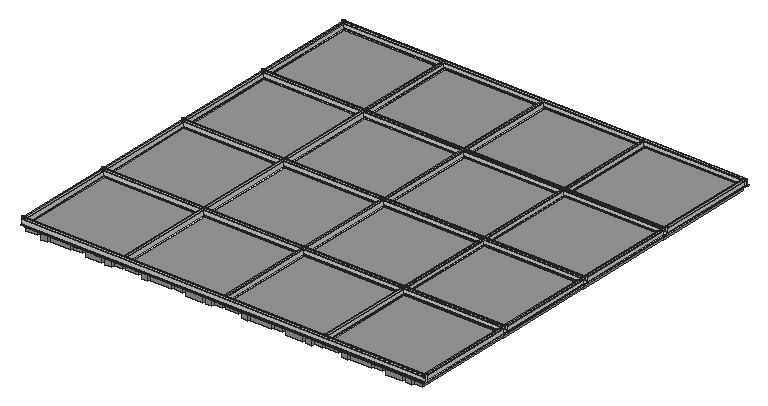
Revit family "GRD-FPG-013_TILE 003_RFA", category Modelos genéricos, Revit 2022 (continued)
Forms (in)
  Extrusion 233, solid, not visible
    sketch origin (0, 24, 0) x (0, 1, 0) y (0, 0, 1)
      loop
        arc (0.44023, 1.66266) -> (0.45258, 1.69248) -> (0.4824, 1.70483) r 0.04217
        line (0.4824, 1.70483) -> (0.52333, 1.70483)
        arc (0.52333, 1.70483) -> (0.54049, 1.71194) -> (0.54761, 1.7291) r 0.02428
        line (0.54761, 1.7291) -> (0.54761, 2.15016) -> (0.45704, 2.24072)
        arc (0.45704, 2.24072) -> (0.44027, 2.24767) -> (0.42351, 2.24072) r 0.02371
        line (0.42351, 2.24072) -> (0.33294, 2.15016) -> (0.33294, 1.7291)
    from 0 to 96.9361
  Extrusion 234, solid, not visible
    sketch origin (0, 48, 0) x (0, 1, 0) y (0, 0, 1)
      loop
        line (0.42221, 1.66259) -> (0.42231, 0.67354)
        arc (0.42231, 0.67354) -> (0.41009, 0.64403) -> (0.38057, 0.6318) r 0.04174
        line (0.38057, 0.6318) -> (-0.00639, 0.6318) -> (-0.00639, 0.59057) -> (0.8874, 0.59057) -> (0.8874, 0.6318) -> (0.49998, 0.6318)
        arc (0.49998, 0.6318) -> (0.47046, 0.64403) -> (0.45824, 0.67354) r 0.04174
        line (0.45824, 0.67354) -> (0.45834, 1.66259)
        arc (0.45834, 1.66259) -> (0.46543, 1.67969) -> (0.48252, 1.68677) r 0.02418
        line (0.48252, 1.68677) -> (0.52252, 1.68677)
        arc (0.52252, 1.68677) -> (0.55303, 1.69941) -> (0.56566, 1.72991) r 0.04314
        line (0.56566, 1.72991) -> (0.56566, 2.14095)
        arc (0.56566, 2.14095) -> (0.5626, 2.15637) -> (0.55386, 2.16944) r 0.04029
        line (0.55386, 2.16944) -> (0.47053, 2.25277)
        arc (0.47053, 2.25277) -> (0.44027, 2.2653) -> (0.41002, 2.25277) r 0.04279
        line (0.41002, 2.25277) -> (0.32669, 2.16944)
        arc (0.32669, 2.16944) -> (0.31795, 2.15637) -> (0.31489, 2.14095) r 0.04029
        line (0.31489, 2.14095) -> (0.31489, 1.72991)
        arc (0.31489, 1.72991) -> (0.32752, 1.69941) -> (0.35803, 1.68677) r 0.04314
        line (0.35803, 1.68677) -> (0.39803, 1.68677)
        arc (0.39803, 1.68677) -> (0.41512, 1.67969) -> (0.42221, 1.66259) r 0.02418
      loop
        arc (0.33294, 1.7291) -> (0.34005, 1.71194) -> (0.35722, 1.70483) r 0.02428
        line (0.35722, 1.70483) -> (0.39815, 1.70483)
        arc (0.39815, 1.70483) -> (0.42797, 1.69248) -> (0.44023, 1.66266) r 0.04217
        arc (0.44023, 1.66266) -> (0.45258, 1.69248) -> (0.4824, 1.70483) r 0.04217
        line (0.4824, 1.70483) -> (0.52333, 1.70483)
        arc (0.52333, 1.70483) -> (0.54049, 1.71194) -> (0.54761, 1.7291) r 0.02428
        line (0.54761, 1.7291) -> (0.54761, 2.15016) -> (0.45704, 2.24072)
        arc (0.45704, 2.24072) -> (0.44027, 2.24767) -> (0.42351, 2.24072) r 0.02371
        line (0.42351, 2.24072) -> (0.33294, 2.15016) -> (0.33294, 1.7291)
    from 0 to 96.9361
  Extrusion 235, solid, not visible
    sketch origin (0, 72, 0) x (0, 1, 0) y (0, 0, 1)
      loop
        line (0.42221, 1.66259) -> (0.42231, 0.67354)
        arc (0.42231, 0.67354) -> (0.41009, 0.64403) -> (0.38057, 0.6318) r 0.04174
        line (0.38057, 0.6318) -> (-0.00639, 0.6318) -> (-0.00639, 0.59057) -> (0.8874, 0.59057) -> (0.8874, 0.6318) -> (0.49998, 0.6318)
        arc (0.49998, 0.6318) -> (0.47046, 0.64403) -> (0.45824, 0.67354) r 0.04174
        line (0.45824, 0.67354) -> (0.45834, 1.66259)
        arc (0.45834, 1.66259) -> (0.46543, 1.67969) -> (0.48252, 1.68677) r 0.02418
        line (0.48252, 1.68677) -> (0.52252, 1.68677)
        arc (0.52252, 1.68677) -> (0.55303, 1.69941) -> (0.56566, 1.72991) r 0.04314
        line (0.56566, 1.72991) -> (0.56566, 2.14095)
        arc (0.56566, 2.14095) -> (0.5626, 2.15637) -> (0.55386, 2.16944) r 0.04029
        line (0.55386, 2.16944) -> (0.47053, 2.25277)
        arc (0.47053, 2.25277) -> (0.44027, 2.2653) -> (0.41002, 2.25277) r 0.04279
        line (0.41002, 2.25277) -> (0.32669, 2.16944)
        arc (0.32669, 2.16944) -> (0.31795, 2.15637) -> (0.31489, 2.14095) r 0.04029
        line (0.31489, 2.14095) -> (0.31489, 1.72991)
        arc (0.31489, 1.72991) -> (0.32752, 1.69941) -> (0.35803, 1.68677) r 0.04314
        line (0.35803, 1.68677) -> (0.39803, 1.68677)
        arc (0.39803, 1.68677) -> (0.41512, 1.67969) -> (0.42221, 1.66259) r 0.02418
      loop
        arc (0.33294, 1.7291) -> (0.34005, 1.71194) -> (0.35722, 1.70483) r 0.02428
        line (0.35722, 1.70483) -> (0.39815, 1.70483)
        arc (0.39815, 1.70483) -> (0.42797, 1.69248) -> (0.44023, 1.66266) r 0.04217
        arc (0.44023, 1.66266) -> (0.45258, 1.69248) -> (0.4824, 1.70483) r 0.04217
        line (0.4824, 1.70483) -> (0.52333, 1.70483)
        arc (0.52333, 1.70483) -> (0.54049, 1.71194) -> (0.54761, 1.7291) r 0.02428
        line (0.54761, 1.7291) -> (0.54761, 2.15016) -> (0.45704, 2.24072)
        arc (0.45704, 2.24072) -> (0.44027, 2.24767) -> (0.42351, 2.24072) r 0.02371
        line (0.42351, 2.24072) -> (0.33294, 2.15016) -> (0.33294, 1.7291)
    from 0 to 96.9361
  Extrusion 236, solid, not visible
    sketch origin (0, 96, 0) x (0, 1, 0) y (0, 0, 1)
      loop
        line (0.42221, 1.66259) -> (0.42231, 0.67354)
        arc (0.42231, 0.67354) -> (0.41009, 0.64403) -> (0.38057, 0.6318) r 0.04174
        line (0.38057, 0.6318) -> (-0.00639, 0.6318) -> (-0.00639, 0.59057) -> (0.8874, 0.59057) -> (0.8874, 0.6318) -> (0.49998, 0.6318)
        arc (0.49998, 0.6318) -> (0.47046, 0.64403) -> (0.45824, 0.67354) r 0.04174
        line (0.45824, 0.67354) -> (0.45834, 1.66259)
        arc (0.45834, 1.66259) -> (0.46543, 1.67969) -> (0.48252, 1.68677) r 0.02418
        line (0.48252, 1.68677) -> (0.52252, 1.68677)
        arc (0.52252, 1.68677) -> (0.55303, 1.69941) -> (0.56566, 1.72991) r 0.04314
        line (0.56566, 1.72991) -> (0.56566, 2.14095)
        arc (0.56566, 2.14095) -> (0.5626, 2.15637) -> (0.55386, 2.16944) r 0.04029
        line (0.55386, 2.16944) -> (0.47053, 2.25277)
        arc (0.47053, 2.25277) -> (0.44027, 2.2653) -> (0.41002, 2.25277) r 0.04279
        line (0.41002, 2.25277) -> (0.32669, 2.16944)
        arc (0.32669, 2.16944) -> (0.31795, 2.15637) -> (0.31489, 2.14095) r 0.04029
        line (0.31489, 2.14095) -> (0.31489, 1.72991)
        arc (0.31489, 1.72991) -> (0.32752, 1.69941) -> (0.35803, 1.68677) r 0.04314
        line (0.35803, 1.68677) -> (0.39803, 1.68677)
        arc (0.39803, 1.68677) -> (0.41512, 1.67969) -> (0.42221, 1.66259) r 0.02418
      loop
        arc (0.33294, 1.7291) -> (0.34005, 1.71194) -> (0.35722, 1.70483) r 0.02428
        line (0.35722, 1.70483) -> (0.39815, 1.70483)
        arc (0.39815, 1.70483) -> (0.42797, 1.69248) -> (0.44023, 1.66266) r 0.04217
        arc (0.44023, 1.66266) -> (0.45258, 1.69248) -> (0.4824, 1.70483) r 0.04217
        line (0.4824, 1.70483) -> (0.52333, 1.70483)
        arc (0.52333, 1.70483) -> (0.54049, 1.71194) -> (0.54761, 1.7291) r 0.02428
        line (0.54761, 1.7291) -> (0.54761, 2.15016) -> (0.45704, 2.24072)
        arc (0.45704, 2.24072) -> (0.44027, 2.24767) -> (0.42351, 2.24072) r 0.02371
        line (0.42351, 2.24072) -> (0.33294, 2.15016) -> (0.33294, 1.7291)
    from 0 to 96.9361
  Extrusion 237, solid, not visible
    sketch origin (48.02754, 154.90856, 0) x (1, 0, 0) y (0, 0, 1)
      loop
        line (0.42221, 1.66259) -> (0.42231, 0.67354)
        arc (0.42231, 0.67354) -> (0.41009, 0.64403) -> (0.38057, 0.6318) r 0.04174
        line (0.38057, 0.6318) -> (-0.00639, 0.6318) -> (-0.00639, 0.59057) -> (0.8874, 0.59057) -> (0.8874, 0.6318) -> (0.49998, 0.6318)
        arc (0.49998, 0.6318) -> (0.47046, 0.64403) -> (0.45824, 0.67354) r 0.04174
        line (0.45824, 0.67354) -> (0.45834, 1.66259)
        arc (0.45834, 1.66259) -> (0.46543, 1.67969) -> (0.48252, 1.68677) r 0.02418
        line (0.48252, 1.68677) -> (0.52252, 1.68677)
        arc (0.52252, 1.68677) -> (0.55303, 1.69941) -> (0.56566, 1.72991) r 0.04314
        line (0.56566, 1.72991) -> (0.56566, 2.14095)
        arc (0.56566, 2.14095) -> (0.5626, 2.15637) -> (0.55386, 2.16944) r 0.04029
        line (0.55386, 2.16944) -> (0.47053, 2.25277)
        arc (0.47053, 2.25277) -> (0.44027, 2.2653) -> (0.41002, 2.25277) r 0.04279
        line (0.41002, 2.25277) -> (0.32669, 2.16944)
        arc (0.32669, 2.16944) -> (0.31795, 2.15637) -> (0.31489, 2.14095) r 0.04029
        line (0.31489, 2.14095) -> (0.31489, 1.72991)
        arc (0.31489, 1.72991) -> (0.32752, 1.69941) -> (0.35803, 1.68677) r 0.04314
        line (0.35803, 1.68677) -> (0.39803, 1.68677)
        arc (0.39803, 1.68677) -> (0.41512, 1.67969) -> (0.42221, 1.66259) r 0.02418
      loop
        arc (0.33294, 1.7291) -> (0.34005, 1.71194) -> (0.35722, 1.70483) r 0.02428
        line (0.35722, 1.70483) -> (0.39815, 1.70483)
        arc (0.39815, 1.70483) -> (0.42797, 1.69248) -> (0.44023, 1.66266) r 0.04217
        arc (0.44023, 1.66266) -> (0.45258, 1.69248) -> (0.4824, 1.70483) r 0.04217
        line (0.4824, 1.70483) -> (0.52333, 1.70483)
        arc (0.52333, 1.70483) -> (0.54049, 1.71194) -> (0.54761, 1.7291) r 0.02428
        line (0.54761, 1.7291) -> (0.54761, 2.15016) -> (0.45704, 2.24072)
        arc (0.45704, 2.24072) -> (0.44027, 2.24767) -> (0.42351, 2.24072) r 0.02371
        line (0.42351, 2.24072) -> (0.33294, 2.15016) -> (0.33294, 1.7291)
    from 58.93614 to 81.99864
  Extrusion 238, solid, not visible
    sketch origin (72.02767, 154.90856, 0) x (1, 0, 0) y (0, 0, 1)
      loop
        line (0.42221, 1.66259) -> (0.42231, 0.67354)
        arc (0.42231, 0.67354) -> (0.41009, 0.64403) -> (0.38057, 0.6318) r 0.04174
        line (0.38057, 0.6318) -> (-0.00639, 0.6318) -> (-0.00639, 0.59057) -> (0.8874, 0.59057) -> (0.8874, 0.6318) -> (0.49998, 0.6318)
        arc (0.49998, 0.6318) -> (0.47046, 0.64403) -> (0.45824, 0.67354) r 0.04174
        line (0.45824, 0.67354) -> (0.45834, 1.66259)
        arc (0.45834, 1.66259) -> (0.46543, 1.67969) -> (0.48252, 1.68677) r 0.02418
        line (0.48252, 1.68677) -> (0.52252, 1.68677)
        arc (0.52252, 1.68677) -> (0.55303, 1.69941) -> (0.56566, 1.72991) r 0.04314
        line (0.56566, 1.72991) -> (0.56566, 2.14095)
        arc (0.56566, 2.14095) -> (0.5626, 2.15637) -> (0.55386, 2.16944) r 0.04029
        line (0.55386, 2.16944) -> (0.47053, 2.25277)
        arc (0.47053, 2.25277) -> (0.44027, 2.2653) -> (0.41002, 2.25277) r 0.04279
        line (0.41002, 2.25277) -> (0.32669, 2.16944)
        arc (0.32669, 2.16944) -> (0.31795, 2.15637) -> (0.31489, 2.14095) r 0.04029
        line (0.31489, 2.14095) -> (0.31489, 1.72991)
        arc (0.31489, 1.72991) -> (0.32752, 1.69941) -> (0.35803, 1.68677) r 0.04314
        line (0.35803, 1.68677) -> (0.39803, 1.68677)
        arc (0.39803, 1.68677) -> (0.41512, 1.67969) -> (0.42221, 1.66259) r 0.02418
      loop
        arc (0.33294, 1.7291) -> (0.34005, 1.71194) -> (0.35722, 1.70483) r 0.02428
        line (0.35722, 1.70483) -> (0.39815, 1.70483)
        arc (0.39815, 1.70483) -> (0.42797, 1.69248) -> (0.44023, 1.66266) r 0.04217
        arc (0.44023, 1.66266) -> (0.45258, 1.69248) -> (0.4824, 1.70483) r 0.04217
        line (0.4824, 1.70483) -> (0.52333, 1.70483)
        arc (0.52333, 1.70483) -> (0.54049, 1.71194) -> (0.54761, 1.7291) r 0.02428
        line (0.54761, 1.7291) -> (0.54761, 2.15016) -> (0.45704, 2.24072)
        arc (0.45704, 2.24072) -> (0.44027, 2.24767) -> (0.42351, 2.24072) r 0.02371
        line (0.42351, 2.24072) -> (0.33294, 2.15016) -> (0.33294, 1.7291)
    from 58.93614 to 81.99864
  Extrusion 239, solid, not visible
    sketch origin (96.02767, 154.90856, 0) x (1, 0, 0) y (0, 0, 1)
      loop
        line (0.42221, 1.66259) -> (0.42231, 0.67354)
        arc (0.42231, 0.67354) -> (0.41009, 0.64403) -> (0.38057, 0.6318) r 0.04174
        line (0.38057, 0.6318) -> (-0.00639, 0.6318) -> (-0.00639, 0.59057) -> (0.8874, 0.59057) -> (0.8874, 0.6318) -> (0.49998, 0.6318)
        arc (0.49998, 0.6318) -> (0.47046, 0.64403) -> (0.45824, 0.67354) r 0.04174
        line (0.45824, 0.67354) -> (0.45834, 1.66259)
        arc (0.45834, 1.66259) -> (0.46543, 1.67969) -> (0.48252, 1.68677) r 0.02418
        line (0.48252, 1.68677) -> (0.52252, 1.68677)
        arc (0.52252, 1.68677) -> (0.55303, 1.69941) -> (0.56566, 1.72991) r 0.04314
        line (0.56566, 1.72991) -> (0.56566, 2.14095)
        arc (0.56566, 2.14095) -> (0.5626, 2.15637) -> (0.55386, 2.16944) r 0.04029
        line (0.55386, 2.16944) -> (0.47053, 2.25277)
        arc (0.47053, 2.25277) -> (0.44027, 2.2653) -> (0.41002, 2.25277) r 0.04279
        line (0.41002, 2.25277) -> (0.32669, 2.16944)
        arc (0.32669, 2.16944) -> (0.31795, 2.15637) -> (0.31489, 2.14095) r 0.04029
        line (0.31489, 2.14095) -> (0.31489, 1.72991)
        arc (0.31489, 1.72991) -> (0.32752, 1.69941) -> (0.35803, 1.68677) r 0.04314
        line (0.35803, 1.68677) -> (0.39803, 1.68677)
        arc (0.39803, 1.68677) -> (0.41512, 1.67969) -> (0.42221, 1.66259) r 0.02418
      loop
        arc (0.33294, 1.7291) -> (0.34005, 1.71194) -> (0.35722, 1.70483) r 0.02428
        line (0.35722, 1.70483) -> (0.39815, 1.70483)
        arc (0.39815, 1.70483) -> (0.42797, 1.69248) -> (0.44023, 1.66266) r 0.04217
        arc (0.44023, 1.66266) -> (0.45258, 1.69248) -> (0.4824, 1.70483) r 0.04217
        line (0.4824, 1.70483) -> (0.52333, 1.70483)
        arc (0.52333, 1.70483) -> (0.54049, 1.71194) -> (0.54761, 1.7291) r 0.02428
        line (0.54761, 1.7291) -> (0.54761, 2.15016) -> (0.45704, 2.24072)
        arc (0.45704, 2.24072) -> (0.44027, 2.24767) -> (0.42351, 2.24072) r 0.02371
        line (0.42351, 2.24072) -> (0.33294, 2.15016) -> (0.33294, 1.7291)
    from 58.93614 to 81.99864
  Extrusion 240, solid, not visible
    sketch origin (24.02767, 154.90856, 0) x (1, 0, 0) y (0, 0, 1)
      loop
        line (0.42221, 1.66259) -> (0.42231, 0.67354)
        arc (0.42231, 0.67354) -> (0.41009, 0.64403) -> (0.38057, 0.6318) r 0.04174
        line (0.38057, 0.6318) -> (-0.00639, 0.6318) -> (-0.00639, 0.59057) -> (0.8874, 0.59057) -> (0.8874, 0.6318) -> (0.49998, 0.6318)
        arc (0.49998, 0.6318) -> (0.47046, 0.64403) -> (0.45824, 0.67354) r 0.04174
        line (0.45824, 0.67354) -> (0.45834, 1.66259)
        arc (0.45834, 1.66259) -> (0.46543, 1.67969) -> (0.48252, 1.68677) r 0.02418
        line (0.48252, 1.68677) -> (0.52252, 1.68677)
        arc (0.52252, 1.68677) -> (0.55303, 1.69941) -> (0.56566, 1.72991) r 0.04314
        line (0.56566, 1.72991) -> (0.56566, 2.14095)
        arc (0.56566, 2.14095) -> (0.5626, 2.15637) -> (0.55386, 2.16944) r 0.04029
        line (0.55386, 2.16944) -> (0.47053, 2.25277)
        arc (0.47053, 2.25277) -> (0.44027, 2.2653) -> (0.41002, 2.25277) r 0.04279
        line (0.41002, 2.25277) -> (0.32669, 2.16944)
        arc (0.32669, 2.16944) -> (0.31795, 2.15637) -> (0.31489, 2.14095) r 0.04029
        line (0.31489, 2.14095) -> (0.31489, 1.72991)
        arc (0.31489, 1.72991) -> (0.32752, 1.69941) -> (0.35803, 1.68677) r 0.04314
        line (0.35803, 1.68677) -> (0.39803, 1.68677)
        arc (0.39803, 1.68677) -> (0.41512, 1.67969) -> (0.42221, 1.66259) r 0.02418
      loop
        arc (0.33294, 1.7291) -> (0.34005, 1.71194) -> (0.35722, 1.70483) r 0.02428
        line (0.35722, 1.70483) -> (0.39815, 1.70483)
        arc (0.39815, 1.70483) -> (0.42797, 1.69248) -> (0.44023, 1.66266) r 0.04217
        arc (0.44023, 1.66266) -> (0.45258, 1.69248) -> (0.4824, 1.70483) r 0.04217
        line (0.4824, 1.70483) -> (0.52333, 1.70483)
        arc (0.52333, 1.70483) -> (0.54049, 1.71194) -> (0.54761, 1.7291) r 0.02428
        line (0.54761, 1.7291) -> (0.54761, 2.15016) -> (0.45704, 2.24072)
        arc (0.45704, 2.24072) -> (0.44027, 2.24767) -> (0.42351, 2.24072) r 0.02371
        line (0.42351, 2.24072) -> (0.33294, 2.15016) -> (0.33294, 1.7291)
    from 58.93614 to 81.99864
  Extrusion 241, solid, not visible
    sketch origin (0.02767, 154.90856, 0) x (1, 0, 0) y (0, 0, 1)
      loop
        line (0.42221, 1.66259) -> (0.42231, 0.67354)
        arc (0.42231, 0.67354) -> (0.41009, 0.64403) -> (0.38057, 0.6318) r 0.04174
        line (0.38057, 0.6318) -> (-0.00639, 0.6318) -> (-0.00639, 0.59057) -> (0.8874, 0.59057) -> (0.8874, 0.6318) -> (0.49998, 0.6318)
        arc (0.49998, 0.6318) -> (0.47046, 0.64403) -> (0.45824, 0.67354) r 0.04174
        line (0.45824, 0.67354) -> (0.45834, 1.66259)
        arc (0.45834, 1.66259) -> (0.46543, 1.67969) -> (0.48252, 1.68677) r 0.02418
        line (0.48252, 1.68677) -> (0.52252, 1.68677)
        arc (0.52252, 1.68677) -> (0.55303, 1.69941) -> (0.56566, 1.72991) r 0.04314
        line (0.56566, 1.72991) -> (0.56566, 2.14095)
        arc (0.56566, 2.14095) -> (0.5626, 2.15637) -> (0.55386, 2.16944) r 0.04029
        line (0.55386, 2.16944) -> (0.47053, 2.25277)
        arc (0.47053, 2.25277) -> (0.44027, 2.2653) -> (0.41002, 2.25277) r 0.04279
        line (0.41002, 2.25277) -> (0.32669, 2.16944)
        arc (0.32669, 2.16944) -> (0.31795, 2.15637) -> (0.31489, 2.14095) r 0.04029
        line (0.31489, 2.14095) -> (0.31489, 1.72991)
        arc (0.31489, 1.72991) -> (0.32752, 1.69941) -> (0.35803, 1.68677) r 0.04314
        line (0.35803, 1.68677) -> (0.39803, 1.68677)
        arc (0.39803, 1.68677) -> (0.41512, 1.67969) -> (0.42221, 1.66259) r 0.02418
      loop
        arc (0.33294, 1.7291) -> (0.34005, 1.71194) -> (0.35722, 1.70483) r 0.02428
        line (0.35722, 1.70483) -> (0.39815, 1.70483)
        arc (0.39815, 1.70483) -> (0.42797, 1.69248) -> (0.44023, 1.66266) r 0.04217
        arc (0.44023, 1.66266) -> (0.45258, 1.69248) -> (0.4824, 1.70483) r 0.04217
        line (0.4824, 1.70483) -> (0.52333, 1.70483)
        arc (0.52333, 1.70483) -> (0.54049, 1.71194) -> (0.54761, 1.7291) r 0.02428
        line (0.54761, 1.7291) -> (0.54761, 2.15016) -> (0.45704, 2.24072)
        arc (0.45704, 2.24072) -> (0.44027, 2.24767) -> (0.42351, 2.24072) r 0.02371
        line (0.42351, 2.24072) -> (0.33294, 2.15016) -> (0.33294, 1.7291)
    from 58.93614 to 81.99864
  Extrusion 242, solid, not visible
    sketch origin (48.02754, 130.90855, 0) x (1, 0, 0) y (0, 0, 1)
      loop
        line (0.42221, 1.66259) -> (0.42231, 0.67354)
        arc (0.42231, 0.67354) -> (0.41009, 0.64403) -> (0.38057, 0.6318) r 0.04174
        line (0.38057, 0.6318) -> (-0.00639, 0.6318) -> (-0.00639, 0.59057) -> (0.8874, 0.59057) -> (0.8874, 0.6318) -> (0.49998, 0.6318)
        arc (0.49998, 0.6318) -> (0.47046, 0.64403) -> (0.45824, 0.67354) r 0.04174
        line (0.45824, 0.67354) -> (0.45834, 1.66259)
        arc (0.45834, 1.66259) -> (0.46543, 1.67969) -> (0.48252, 1.68677) r 0.02418
        line (0.48252, 1.68677) -> (0.52252, 1.68677)
        arc (0.52252, 1.68677) -> (0.55303, 1.69941) -> (0.56566, 1.72991) r 0.04314
        line (0.56566, 1.72991) -> (0.56566, 2.14095)
        arc (0.56566, 2.14095) -> (0.5626, 2.15637) -> (0.55386, 2.16944) r 0.04029
        line (0.55386, 2.16944) -> (0.47053, 2.25277)
        arc (0.47053, 2.25277) -> (0.44027, 2.2653) -> (0.41002, 2.25277) r 0.04279
        line (0.41002, 2.25277) -> (0.32669, 2.16944)
        arc (0.32669, 2.16944) -> (0.31795, 2.15637) -> (0.31489, 2.14095) r 0.04029
        line (0.31489, 2.14095) -> (0.31489, 1.72991)
        arc (0.31489, 1.72991) -> (0.32752, 1.69941) -> (0.35803, 1.68677) r 0.04314
        line (0.35803, 1.68677) -> (0.39803, 1.68677)
        arc (0.39803, 1.68677) -> (0.41512, 1.67969) -> (0.42221, 1.66259) r 0.02418
      loop
        arc (0.33294, 1.7291) -> (0.34005, 1.71194) -> (0.35722, 1.70483) r 0.02428
        line (0.35722, 1.70483) -> (0.39815, 1.70483)
        arc (0.39815, 1.70483) -> (0.42797, 1.69248) -> (0.44023, 1.66266) r 0.04217
        arc (0.44023, 1.66266) -> (0.45258, 1.69248) -> (0.4824, 1.70483) r 0.04217
        line (0.4824, 1.70483) -> (0.52333, 1.70483)
        arc (0.52333, 1.70483) -> (0.54049, 1.71194) -> (0.54761, 1.7291) r 0.02428
        line (0.54761, 1.7291) -> (0.54761, 2.15016) -> (0.45704, 2.24072)
        arc (0.45704, 2.24072) -> (0.44027, 2.24767) -> (0.42351, 2.24072) r 0.02371
        line (0.42351, 2.24072) -> (0.33294, 2.15016) -> (0.33294, 1.7291)
    from 58.93614 to 81.99864
  Extrusion 243, solid, not visible
    sketch origin (72.02767, 130.90855, 0) x (1, 0, 0) y (0, 0, 1)
      loop
        line (0.42221, 1.66259) -> (0.42231, 0.67354)
        arc (0.42231, 0.67354) -> (0.41009, 0.64403) -> (0.38057, 0.6318) r 0.04174
        line (0.38057, 0.6318) -> (-0.00639, 0.6318) -> (-0.00639, 0.59057) -> (0.8874, 0.59057) -> (0.8874, 0.6318) -> (0.49998, 0.6318)
        arc (0.49998, 0.6318) -> (0.47046, 0.64403) -> (0.45824, 0.67354) r 0.04174
        line (0.45824, 0.67354) -> (0.45834, 1.66259)
        arc (0.45834, 1.66259) -> (0.46543, 1.67969) -> (0.48252, 1.68677) r 0.02418
        line (0.48252, 1.68677) -> (0.52252, 1.68677)
        arc (0.52252, 1.68677) -> (0.55303, 1.69941) -> (0.56566, 1.72991) r 0.04314
        line (0.56566, 1.72991) -> (0.56566, 2.14095)
        arc (0.56566, 2.14095) -> (0.5626, 2.15637) -> (0.55386, 2.16944) r 0.04029
        line (0.55386, 2.16944) -> (0.47053, 2.25277)
        arc (0.47053, 2.25277) -> (0.44027, 2.2653) -> (0.41002, 2.25277) r 0.04279
        line (0.41002, 2.25277) -> (0.32669, 2.16944)
        arc (0.32669, 2.16944) -> (0.31795, 2.15637) -> (0.31489, 2.14095) r 0.04029
        line (0.31489, 2.14095) -> (0.31489, 1.72991)
        arc (0.31489, 1.72991) -> (0.32752, 1.69941) -> (0.35803, 1.68677) r 0.04314
        line (0.35803, 1.68677) -> (0.39803, 1.68677)
        arc (0.39803, 1.68677) -> (0.41512, 1.67969) -> (0.42221, 1.66259) r 0.02418
      loop
        arc (0.33294, 1.7291) -> (0.34005, 1.71194) -> (0.35722, 1.70483) r 0.02428
        line (0.35722, 1.70483) -> (0.39815, 1.70483)
        arc (0.39815, 1.70483) -> (0.42797, 1.69248) -> (0.44023, 1.66266) r 0.04217
        arc (0.44023, 1.66266) -> (0.45258, 1.69248) -> (0.4824, 1.70483) r 0.04217
        line (0.4824, 1.70483) -> (0.52333, 1.70483)
        arc (0.52333, 1.70483) -> (0.54049, 1.71194) -> (0.54761, 1.7291) r 0.02428
        line (0.54761, 1.7291) -> (0.54761, 2.15016) -> (0.45704, 2.24072)
        arc (0.45704, 2.24072) -> (0.44027, 2.24767) -> (0.42351, 2.24072) r 0.02371
        line (0.42351, 2.24072) -> (0.33294, 2.15016) -> (0.33294, 1.7291)
    from 58.93614 to 81.99864
  Extrusion 244, solid, not visible
    sketch origin (96.02767, 130.90855, 0) x (1, 0, 0) y (0, 0, 1)
      loop
        line (0.42221, 1.66259) -> (0.42231, 0.67354)
        arc (0.42231, 0.67354) -> (0.41009, 0.64403) -> (0.38057, 0.6318) r 0.04174
        line (0.38057, 0.6318) -> (-0.00639, 0.6318) -> (-0.00639, 0.59057) -> (0.8874, 0.59057) -> (0.8874, 0.6318) -> (0.49998, 0.6318)
        arc (0.49998, 0.6318) -> (0.47046, 0.64403) -> (0.45824, 0.67354) r 0.04174
        line (0.45824, 0.67354) -> (0.45834, 1.66259)
        arc (0.45834, 1.66259) -> (0.46543, 1.67969) -> (0.48252, 1.68677) r 0.02418
        line (0.48252, 1.68677) -> (0.52252, 1.68677)
        arc (0.52252, 1.68677) -> (0.55303, 1.69941) -> (0.56566, 1.72991) r 0.04314
        line (0.56566, 1.72991) -> (0.56566, 2.14095)
        arc (0.56566, 2.14095) -> (0.5626, 2.15637) -> (0.55386, 2.16944) r 0.04029
        line (0.55386, 2.16944) -> (0.47053, 2.25277)
        arc (0.47053, 2.25277) -> (0.44027, 2.2653) -> (0.41002, 2.25277) r 0.04279
        line (0.41002, 2.25277) -> (0.32669, 2.16944)
        arc (0.32669, 2.16944) -> (0.31795, 2.15637) -> (0.31489, 2.14095) r 0.04029
        line (0.31489, 2.14095) -> (0.31489, 1.72991)
        arc (0.31489, 1.72991) -> (0.32752, 1.69941) -> (0.35803, 1.68677) r 0.04314
        line (0.35803, 1.68677) -> (0.39803, 1.68677)
        arc (0.39803, 1.68677) -> (0.41512, 1.67969) -> (0.42221, 1.66259) r 0.02418
      loop
        arc (0.33294, 1.7291) -> (0.34005, 1.71194) -> (0.35722, 1.70483) r 0.02428
        line (0.35722, 1.70483) -> (0.39815, 1.70483)
        arc (0.39815, 1.70483) -> (0.42797, 1.69248) -> (0.44023, 1.66266) r 0.04217
        arc (0.44023, 1.66266) -> (0.45258, 1.69248) -> (0.4824, 1.70483) r 0.04217
        line (0.4824, 1.70483) -> (0.52333, 1.70483)
        arc (0.52333, 1.70483) -> (0.54049, 1.71194) -> (0.54761, 1.7291) r 0.02428
        line (0.54761, 1.7291) -> (0.54761, 2.15016) -> (0.45704, 2.24072)
        arc (0.45704, 2.24072) -> (0.44027, 2.24767) -> (0.42351, 2.24072) r 0.02371
        line (0.42351, 2.24072) -> (0.33294, 2.15016) -> (0.33294, 1.7291)
    from 58.93614 to 81.99864
  Extrusion 245, solid, not visible
    sketch origin (24.02767, 130.90855, 0) x (1, 0, 0) y (0, 0, 1)
      loop
        line (0.42221, 1.66259) -> (0.42231, 0.67354)
        arc (0.42231, 0.67354) -> (0.41009, 0.64403) -> (0.38057, 0.6318) r 0.04174
        line (0.38057, 0.6318) -> (-0.00639, 0.6318) -> (-0.00639, 0.59057) -> (0.8874, 0.59057) -> (0.8874, 0.6318) -> (0.49998, 0.6318)
        arc (0.49998, 0.6318) -> (0.47046, 0.64403) -> (0.45824, 0.67354) r 0.04174
        line (0.45824, 0.67354) -> (0.45834, 1.66259)
        arc (0.45834, 1.66259) -> (0.46543, 1.67969) -> (0.48252, 1.68677) r 0.02418
        line (0.48252, 1.68677) -> (0.52252, 1.68677)
        arc (0.52252, 1.68677) -> (0.55303, 1.69941) -> (0.56566, 1.72991) r 0.04314
        line (0.56566, 1.72991) -> (0.56566, 2.14095)
        arc (0.56566, 2.14095) -> (0.5626, 2.15637) -> (0.55386, 2.16944) r 0.04029
        line (0.55386, 2.16944) -> (0.47053, 2.25277)
        arc (0.47053, 2.25277) -> (0.44027, 2.2653) -> (0.41002, 2.25277) r 0.04279
        line (0.41002, 2.25277) -> (0.32669, 2.16944)
        arc (0.32669, 2.16944) -> (0.31795, 2.15637) -> (0.31489, 2.14095) r 0.04029
        line (0.31489, 2.14095) -> (0.31489, 1.72991)
        arc (0.31489, 1.72991) -> (0.32752, 1.69941) -> (0.35803, 1.68677) r 0.04314
        line (0.35803, 1.68677) -> (0.39803, 1.68677)
        arc (0.39803, 1.68677) -> (0.41512, 1.67969) -> (0.42221, 1.66259) r 0.02418
      loop
        arc (0.33294, 1.7291) -> (0.34005, 1.71194) -> (0.35722, 1.70483) r 0.02428
        line (0.35722, 1.70483) -> (0.39815, 1.70483)
        arc (0.39815, 1.70483) -> (0.42797, 1.69248) -> (0.44023, 1.66266) r 0.04217
        arc (0.44023, 1.66266) -> (0.45258, 1.69248) -> (0.4824, 1.70483) r 0.04217
        line (0.4824, 1.70483) -> (0.52333, 1.70483)
        arc (0.52333, 1.70483) -> (0.54049, 1.71194) -> (0.54761, 1.7291) r 0.02428
        line (0.54761, 1.7291) -> (0.54761, 2.15016) -> (0.45704, 2.24072)
        arc (0.45704, 2.24072) -> (0.44027, 2.24767) -> (0.42351, 2.24072) r 0.02371
        line (0.42351, 2.24072) -> (0.33294, 2.15016) -> (0.33294, 1.7291)
    from 58.93614 to 81.99864
  Extrusion 246, solid, not visible
    sketch origin (0.02767, 130.90855, 0) x (1, 0, 0) y (0, 0, 1)
      loop
        line (0.42221, 1.66259) -> (0.42231, 0.67354)
        arc (0.42231, 0.67354) -> (0.41009, 0.64403) -> (0.38057, 0.6318) r 0.04174
        line (0.38057, 0.6318) -> (-0.00639, 0.6318) -> (-0.00639, 0.59057) -> (0.8874, 0.59057) -> (0.8874, 0.6318) -> (0.49998, 0.6318)
        arc (0.49998, 0.6318) -> (0.47046, 0.64403) -> (0.45824, 0.67354) r 0.04174
        line (0.45824, 0.67354) -> (0.45834, 1.66259)
        arc (0.45834, 1.66259) -> (0.46543, 1.67969) -> (0.48252, 1.68677) r 0.02418
        line (0.48252, 1.68677) -> (0.52252, 1.68677)
        arc (0.52252, 1.68677) -> (0.55303, 1.69941) -> (0.56566, 1.72991) r 0.04314
        line (0.56566, 1.72991) -> (0.56566, 2.14095)
        arc (0.56566, 2.14095) -> (0.5626, 2.15637) -> (0.55386, 2.16944) r 0.04029
        line (0.55386, 2.16944) -> (0.47053, 2.25277)
        arc (0.47053, 2.25277) -> (0.44027, 2.2653) -> (0.41002, 2.25277) r 0.04279
        line (0.41002, 2.25277) -> (0.32669, 2.16944)
        arc (0.32669, 2.16944) -> (0.31795, 2.15637) -> (0.31489, 2.14095) r 0.04029
        line (0.31489, 2.14095) -> (0.31489, 1.72991)
        arc (0.31489, 1.72991) -> (0.32752, 1.69941) -> (0.35803, 1.68677) r 0.04314
        line (0.35803, 1.68677) -> (0.39803, 1.68677)
        arc (0.39803, 1.68677) -> (0.41512, 1.67969) -> (0.42221, 1.66259) r 0.02418
      loop
        arc (0.33294, 1.7291) -> (0.34005, 1.71194) -> (0.35722, 1.70483) r 0.02428
        line (0.35722, 1.70483) -> (0.39815, 1.70483)
        arc (0.39815, 1.70483) -> (0.42797, 1.69248) -> (0.44023, 1.66266) r 0.04217
        arc (0.44023, 1.66266) -> (0.45258, 1.69248) -> (0.4824, 1.70483) r 0.04217
        line (0.4824, 1.70483) -> (0.52333, 1.70483)
        arc (0.52333, 1.70483) -> (0.54049, 1.71194) -> (0.54761, 1.7291) r 0.02428
        line (0.54761, 1.7291) -> (0.54761, 2.15016) -> (0.45704, 2.24072)
        arc (0.45704, 2.24072) -> (0.44027, 2.24767) -> (0.42351, 2.24072) r 0.02371
        line (0.42351, 2.24072) -> (0.33294, 2.15016) -> (0.33294, 1.7291)
    from 58.93614 to 81.99864
  Extrusion 247, solid, not visible
    sketch origin (48.02754, 106.90856, 0) x (1, 0, 0) y (0, 0, 1)
      loop
        line (0.42221, 1.66259) -> (0.42231, 0.67354)
        arc (0.42231, 0.67354) -> (0.41009, 0.64403) -> (0.38057, 0.6318) r 0.04174
        line (0.38057, 0.6318) -> (-0.00639, 0.6318) -> (-0.00639, 0.59057) -> (0.8874, 0.59057) -> (0.8874, 0.6318) -> (0.49998, 0.6318)
        arc (0.49998, 0.6318) -> (0.47046, 0.64403) -> (0.45824, 0.67354) r 0.04174
        line (0.45824, 0.67354) -> (0.45834, 1.66259)
        arc (0.45834, 1.66259) -> (0.46543, 1.67969) -> (0.48252, 1.68677) r 0.02418
        line (0.48252, 1.68677) -> (0.52252, 1.68677)
        arc (0.52252, 1.68677) -> (0.55303, 1.69941) -> (0.56566, 1.72991) r 0.04314
        line (0.56566, 1.72991) -> (0.56566, 2.14095)
        arc (0.56566, 2.14095) -> (0.5626, 2.15637) -> (0.55386, 2.16944) r 0.04029
        line (0.55386, 2.16944) -> (0.47053, 2.25277)
        arc (0.47053, 2.25277) -> (0.44027, 2.2653) -> (0.41002, 2.25277) r 0.04279
        line (0.41002, 2.25277) -> (0.32669, 2.16944)
        arc (0.32669, 2.16944) -> (0.31795, 2.15637) -> (0.31489, 2.14095) r 0.04029
        line (0.31489, 2.14095) -> (0.31489, 1.72991)
        arc (0.31489, 1.72991) -> (0.32752, 1.69941) -> (0.35803, 1.68677) r 0.04314
        line (0.35803, 1.68677) -> (0.39803, 1.68677)
        arc (0.39803, 1.68677) -> (0.41512, 1.67969) -> (0.42221, 1.66259) r 0.02418
      loop
        arc (0.33294, 1.7291) -> (0.34005, 1.71194) -> (0.35722, 1.70483) r 0.02428
        line (0.35722, 1.70483) -> (0.39815, 1.70483)
        arc (0.39815, 1.70483) -> (0.42797, 1.69248) -> (0.44023, 1.66266) r 0.04217
        arc (0.44023, 1.66266) -> (0.45258, 1.69248) -> (0.4824, 1.70483) r 0.04217
        line (0.4824, 1.70483) -> (0.52333, 1.70483)
        arc (0.52333, 1.70483) -> (0.54049, 1.71194) -> (0.54761, 1.7291) r 0.02428
        line (0.54761, 1.7291) -> (0.54761, 2.15016) -> (0.45704, 2.24072)
        arc (0.45704, 2.24072) -> (0.44027, 2.24767) -> (0.42351, 2.24072) r 0.02371
        line (0.42351, 2.24072) -> (0.33294, 2.15016) -> (0.33294, 1.7291)
    from 58.93614 to 81.99864
  Extrusion 248, solid, not visible
    sketch origin (72.02767, 106.90856, 0) x (1, 0, 0) y (0, 0, 1)
      loop
        line (0.42221, 1.66259) -> (0.42231, 0.67354)
        arc (0.42231, 0.67354) -> (0.41009, 0.64403) -> (0.38057, 0.6318) r 0.04174
        line (0.38057, 0.6318) -> (-0.00639, 0.6318) -> (-0.00639, 0.59057) -> (0.8874, 0.59057) -> (0.8874, 0.6318) -> (0.49998, 0.6318)
        arc (0.49998, 0.6318) -> (0.47046, 0.64403) -> (0.45824, 0.67354) r 0.04174
        line (0.45824, 0.67354) -> (0.45834, 1.66259)
        arc (0.45834, 1.66259) -> (0.46543, 1.67969) -> (0.48252, 1.68677) r 0.02418
        line (0.48252, 1.68677) -> (0.52252, 1.68677)
        arc (0.52252, 1.68677) -> (0.55303, 1.69941) -> (0.56566, 1.72991) r 0.04314
        line (0.56566, 1.72991) -> (0.56566, 2.14095)
        arc (0.56566, 2.14095) -> (0.5626, 2.15637) -> (0.55386, 2.16944) r 0.04029
        line (0.55386, 2.16944) -> (0.47053, 2.25277)
        arc (0.47053, 2.25277) -> (0.44027, 2.2653) -> (0.41002, 2.25277) r 0.04279
        line (0.41002, 2.25277) -> (0.32669, 2.16944)
        arc (0.32669, 2.16944) -> (0.31795, 2.15637) -> (0.31489, 2.14095) r 0.04029
        line (0.31489, 2.14095) -> (0.31489, 1.72991)
        arc (0.31489, 1.72991) -> (0.32752, 1.69941) -> (0.35803, 1.68677) r 0.04314
        line (0.35803, 1.68677) -> (0.39803, 1.68677)
        arc (0.39803, 1.68677) -> (0.41512, 1.67969) -> (0.42221, 1.66259) r 0.02418
      loop
        arc (0.33294, 1.7291) -> (0.34005, 1.71194) -> (0.35722, 1.70483) r 0.02428
        line (0.35722, 1.70483) -> (0.39815, 1.70483)
        arc (0.39815, 1.70483) -> (0.42797, 1.69248) -> (0.44023, 1.66266) r 0.04217
        arc (0.44023, 1.66266) -> (0.45258, 1.69248) -> (0.4824, 1.70483) r 0.04217
        line (0.4824, 1.70483) -> (0.52333, 1.70483)
        arc (0.52333, 1.70483) -> (0.54049, 1.71194) -> (0.54761, 1.7291) r 0.02428
        line (0.54761, 1.7291) -> (0.54761, 2.15016) -> (0.45704, 2.24072)
        arc (0.45704, 2.24072) -> (0.44027, 2.24767) -> (0.42351, 2.24072) r 0.02371
        line (0.42351, 2.24072) -> (0.33294, 2.15016) -> (0.33294, 1.7291)
    from 58.93614 to 81.99864
  Extrusion 249, solid, not visible
    sketch origin (96.02767, 106.90856, 0) x (1, 0, 0) y (0, 0, 1)
      loop
        line (0.42221, 1.66259) -> (0.42231, 0.67354)
        arc (0.42231, 0.67354) -> (0.41009, 0.64403) -> (0.38057, 0.6318) r 0.04174
        line (0.38057, 0.6318) -> (-0.00639, 0.6318) -> (-0.00639, 0.59057) -> (0.8874, 0.59057) -> (0.8874, 0.6318) -> (0.49998, 0.6318)
        arc (0.49998, 0.6318) -> (0.47046, 0.64403) -> (0.45824, 0.67354) r 0.04174
        line (0.45824, 0.67354) -> (0.45834, 1.66259)
        arc (0.45834, 1.66259) -> (0.46543, 1.67969) -> (0.48252, 1.68677) r 0.02418
        line (0.48252, 1.68677) -> (0.52252, 1.68677)
        arc (0.52252, 1.68677) -> (0.55303, 1.69941) -> (0.56566, 1.72991) r 0.04314
        line (0.56566, 1.72991) -> (0.56566, 2.14095)
        arc (0.56566, 2.14095) -> (0.5626, 2.15637) -> (0.55386, 2.16944) r 0.04029
        line (0.55386, 2.16944) -> (0.47053, 2.25277)
        arc (0.47053, 2.25277) -> (0.44027, 2.2653) -> (0.41002, 2.25277) r 0.04279
        line (0.41002, 2.25277) -> (0.32669, 2.16944)
        arc (0.32669, 2.16944) -> (0.31795, 2.15637) -> (0.31489, 2.14095) r 0.04029
        line (0.31489, 2.14095) -> (0.31489, 1.72991)
        arc (0.31489, 1.72991) -> (0.32752, 1.69941) -> (0.35803, 1.68677) r 0.04314
        line (0.35803, 1.68677) -> (0.39803, 1.68677)
        arc (0.39803, 1.68677) -> (0.41512, 1.67969) -> (0.42221, 1.66259) r 0.02418
      loop
        arc (0.33294, 1.7291) -> (0.34005, 1.71194) -> (0.35722, 1.70483) r 0.02428
        line (0.35722, 1.70483) -> (0.39815, 1.70483)
        arc (0.39815, 1.70483) -> (0.42797, 1.69248) -> (0.44023, 1.66266) r 0.04217
        arc (0.44023, 1.66266) -> (0.45258, 1.69248) -> (0.4824, 1.70483) r 0.04217
        line (0.4824, 1.70483) -> (0.52333, 1.70483)
        arc (0.52333, 1.70483) -> (0.54049, 1.71194) -> (0.54761, 1.7291) r 0.02428
        line (0.54761, 1.7291) -> (0.54761, 2.15016) -> (0.45704, 2.24072)
        arc (0.45704, 2.24072) -> (0.44027, 2.24767) -> (0.42351, 2.24072) r 0.02371
        line (0.42351, 2.24072) -> (0.33294, 2.15016) -> (0.33294, 1.7291)
    from 58.93614 to 81.99864
  Extrusion 250, solid, not visible
    sketch origin (24.02767, 106.90856, 0) x (1, 0, 0) y (0, 0, 1)
      loop
        line (0.42221, 1.66259) -> (0.42231, 0.67354)
        arc (0.42231, 0.67354) -> (0.41009, 0.64403) -> (0.38057, 0.6318) r 0.04174
        line (0.38057, 0.6318) -> (-0.00639, 0.6318) -> (-0.00639, 0.59057) -> (0.8874, 0.59057) -> (0.8874, 0.6318) -> (0.49998, 0.6318)
        arc (0.49998, 0.6318) -> (0.47046, 0.64403) -> (0.45824, 0.67354) r 0.04174
        line (0.45824, 0.67354) -> (0.45834, 1.66259)
        arc (0.45834, 1.66259) -> (0.46543, 1.67969) -> (0.48252, 1.68677) r 0.02418
        line (0.48252, 1.68677) -> (0.52252, 1.68677)
        arc (0.52252, 1.68677) -> (0.55303, 1.69941) -> (0.56566, 1.72991) r 0.04314
        line (0.56566, 1.72991) -> (0.56566, 2.14095)
        arc (0.56566, 2.14095) -> (0.5626, 2.15637) -> (0.55386, 2.16944) r 0.04029
        line (0.55386, 2.16944) -> (0.47053, 2.25277)
        arc (0.47053, 2.25277) -> (0.44027, 2.2653) -> (0.41002, 2.25277) r 0.04279
        line (0.41002, 2.25277) -> (0.32669, 2.16944)
        arc (0.32669, 2.16944) -> (0.31795, 2.15637) -> (0.31489, 2.14095) r 0.04029
        line (0.31489, 2.14095) -> (0.31489, 1.72991)
        arc (0.31489, 1.72991) -> (0.32752, 1.69941) -> (0.35803, 1.68677) r 0.04314
        line (0.35803, 1.68677) -> (0.39803, 1.68677)
        arc (0.39803, 1.68677) -> (0.41512, 1.67969) -> (0.42221, 1.66259) r 0.02418
      loop
        arc (0.33294, 1.7291) -> (0.34005, 1.71194) -> (0.35722, 1.70483) r 0.02428
        line (0.35722, 1.70483) -> (0.39815, 1.70483)
        arc (0.39815, 1.70483) -> (0.42797, 1.69248) -> (0.44023, 1.66266) r 0.04217
        arc (0.44023, 1.66266) -> (0.45258, 1.69248) -> (0.4824, 1.70483) r 0.04217
        line (0.4824, 1.70483) -> (0.52333, 1.70483)
        arc (0.52333, 1.70483) -> (0.54049, 1.71194) -> (0.54761, 1.7291) r 0.02428
        line (0.54761, 1.7291) -> (0.54761, 2.15016) -> (0.45704, 2.24072)
        arc (0.45704, 2.24072) -> (0.44027, 2.24767) -> (0.42351, 2.24072) r 0.02371
        line (0.42351, 2.24072) -> (0.33294, 2.15016) -> (0.33294, 1.7291)
    from 58.93614 to 81.99864
  Extrusion 251, solid, not visible
    sketch origin (0.02767, 106.90856, 0) x (1, 0, 0) y (0, 0, 1)
      loop
        line (0.42221, 1.66259) -> (0.42231, 0.67354)
        arc (0.42231, 0.67354) -> (0.41009, 0.64403) -> (0.38057, 0.6318) r 0.04174
        line (0.38057, 0.6318) -> (-0.00639, 0.6318) -> (-0.00639, 0.59057) -> (0.8874, 0.59057) -> (0.8874, 0.6318) -> (0.49998, 0.6318)
        arc (0.49998, 0.6318) -> (0.47046, 0.64403) -> (0.45824, 0.67354) r 0.04174
        line (0.45824, 0.67354) -> (0.45834, 1.66259)
        arc (0.45834, 1.66259) -> (0.46543, 1.67969) -> (0.48252, 1.68677) r 0.02418
        line (0.48252, 1.68677) -> (0.52252, 1.68677)
        arc (0.52252, 1.68677) -> (0.55303, 1.69941) -> (0.56566, 1.72991) r 0.04314
        line (0.56566, 1.72991) -> (0.56566, 2.14095)
        arc (0.56566, 2.14095) -> (0.5626, 2.15637) -> (0.55386, 2.16944) r 0.04029
        line (0.55386, 2.16944) -> (0.47053, 2.25277)
        arc (0.47053, 2.25277) -> (0.44027, 2.2653) -> (0.41002, 2.25277) r 0.04279
        line (0.41002, 2.25277) -> (0.32669, 2.16944)
        arc (0.32669, 2.16944) -> (0.31795, 2.15637) -> (0.31489, 2.14095) r 0.04029
        line (0.31489, 2.14095) -> (0.31489, 1.72991)
        arc (0.31489, 1.72991) -> (0.32752, 1.69941) -> (0.35803, 1.68677) r 0.04314
        line (0.35803, 1.68677) -> (0.39803, 1.68677)
        arc (0.39803, 1.68677) -> (0.41512, 1.67969) -> (0.42221, 1.66259) r 0.02418
      loop
        arc (0.33294, 1.7291) -> (0.34005, 1.71194) -> (0.35722, 1.70483) r 0.02428
        line (0.35722, 1.70483) -> (0.39815, 1.70483)
        arc (0.39815, 1.70483) -> (0.42797, 1.69248) -> (0.44023, 1.66266) r 0.04217
        arc (0.44023, 1.66266) -> (0.45258, 1.69248) -> (0.4824, 1.70483) r 0.04217
        line (0.4824, 1.70483) -> (0.52333, 1.70483)
        arc (0.52333, 1.70483) -> (0.54049, 1.71194) -> (0.54761, 1.7291) r 0.02428
        line (0.54761, 1.7291) -> (0.54761, 2.15016) -> (0.45704, 2.24072)
        arc (0.45704, 2.24072) -> (0.44027, 2.24767) -> (0.42351, 2.24072) r 0.02371
        line (0.42351, 2.24072) -> (0.33294, 2.15016) -> (0.33294, 1.7291)
    from 58.93614 to 81.99864
  Extrusion 252, solid, not visible
    sketch origin (48.02754, 82.90856, 0) x (1, 0, 0) y (0, 0, 1)
      loop
        line (0.42221, 1.66259) -> (0.42231, 0.67354)
        arc (0.42231, 0.67354) -> (0.41009, 0.64403) -> (0.38057, 0.6318) r 0.04174
        line (0.38057, 0.6318) -> (-0.00639, 0.6318) -> (-0.00639, 0.59057) -> (0.8874, 0.59057) -> (0.8874, 0.6318) -> (0.49998, 0.6318)
        arc (0.49998, 0.6318) -> (0.47046, 0.64403) -> (0.45824, 0.67354) r 0.04174
        line (0.45824, 0.67354) -> (0.45834, 1.66259)
        arc (0.45834, 1.66259) -> (0.46543, 1.67969) -> (0.48252, 1.68677) r 0.02418
        line (0.48252, 1.68677) -> (0.52252, 1.68677)
        arc (0.52252, 1.68677) -> (0.55303, 1.69941) -> (0.56566, 1.72991) r 0.04314
        line (0.56566, 1.72991) -> (0.56566, 2.14095)
        arc (0.56566, 2.14095) -> (0.5626, 2.15637) -> (0.55386, 2.16944) r 0.04029
        line (0.55386, 2.16944) -> (0.47053, 2.25277)
        arc (0.47053, 2.25277) -> (0.44027, 2.2653) -> (0.41002, 2.25277) r 0.04279
        line (0.41002, 2.25277) -> (0.32669, 2.16944)
        arc (0.32669, 2.16944) -> (0.31795, 2.15637) -> (0.31489, 2.14095) r 0.04029
        line (0.31489, 2.14095) -> (0.31489, 1.72991)
        arc (0.31489, 1.72991) -> (0.32752, 1.69941) -> (0.35803, 1.68677) r 0.04314
        line (0.35803, 1.68677) -> (0.39803, 1.68677)
        arc (0.39803, 1.68677) -> (0.41512, 1.67969) -> (0.42221, 1.66259) r 0.02418
      loop
        arc (0.33294, 1.7291) -> (0.34005, 1.71194) -> (0.35722, 1.70483) r 0.02428
        line (0.35722, 1.70483) -> (0.39815, 1.70483)
        arc (0.39815, 1.70483) -> (0.42797, 1.69248) -> (0.44023, 1.66266) r 0.04217
        arc (0.44023, 1.66266) -> (0.45258, 1.69248) -> (0.4824, 1.70483) r 0.04217
        line (0.4824, 1.70483) -> (0.52333, 1.70483)
        arc (0.52333, 1.70483) -> (0.54049, 1.71194) -> (0.54761, 1.7291) r 0.02428
        line (0.54761, 1.7291) -> (0.54761, 2.15016) -> (0.45704, 2.24072)
        arc (0.45704, 2.24072) -> (0.44027, 2.24767) -> (0.42351, 2.24072) r 0.02371
        line (0.42351, 2.24072) -> (0.33294, 2.15016) -> (0.33294, 1.7291)
    from 58.93614 to 81.99864
  Extrusion 253, solid, not visible
    sketch origin (72.02767, 82.90856, 0) x (1, 0, 0) y (0, 0, 1)
      loop
        line (0.42221, 1.66259) -> (0.42231, 0.67354)
        arc (0.42231, 0.67354) -> (0.41009, 0.64403) -> (0.38057, 0.6318) r 0.04174
        line (0.38057, 0.6318) -> (-0.00639, 0.6318) -> (-0.00639, 0.59057) -> (0.8874, 0.59057) -> (0.8874, 0.6318) -> (0.49998, 0.6318)
        arc (0.49998, 0.6318) -> (0.47046, 0.64403) -> (0.45824, 0.67354) r 0.04174
        line (0.45824, 0.67354) -> (0.45834, 1.66259)
        arc (0.45834, 1.66259) -> (0.46543, 1.67969) -> (0.48252, 1.68677) r 0.02418
        line (0.48252, 1.68677) -> (0.52252, 1.68677)
        arc (0.52252, 1.68677) -> (0.55303, 1.69941) -> (0.56566, 1.72991) r 0.04314
        line (0.56566, 1.72991) -> (0.56566, 2.14095)
        arc (0.56566, 2.14095) -> (0.5626, 2.15637) -> (0.55386, 2.16944) r 0.04029
        line (0.55386, 2.16944) -> (0.47053, 2.25277)
        arc (0.47053, 2.25277) -> (0.44027, 2.2653) -> (0.41002, 2.25277) r 0.04279
        line (0.41002, 2.25277) -> (0.32669, 2.16944)
        arc (0.32669, 2.16944) -> (0.31795, 2.15637) -> (0.31489, 2.14095) r 0.04029
        line (0.31489, 2.14095) -> (0.31489, 1.72991)
        arc (0.31489, 1.72991) -> (0.32752, 1.69941) -> (0.35803, 1.68677) r 0.04314
        line (0.35803, 1.68677) -> (0.39803, 1.68677)
        arc (0.39803, 1.68677) -> (0.41512, 1.67969) -> (0.42221, 1.66259) r 0.02418
      loop
        arc (0.33294, 1.7291) -> (0.34005, 1.71194) -> (0.35722, 1.70483) r 0.02428
        line (0.35722, 1.70483) -> (0.39815, 1.70483)
        arc (0.39815, 1.70483) -> (0.42797, 1.69248) -> (0.44023, 1.66266) r 0.04217
        arc (0.44023, 1.66266) -> (0.45258, 1.69248) -> (0.4824, 1.70483) r 0.04217
        line (0.4824, 1.70483) -> (0.52333, 1.70483)
        arc (0.52333, 1.70483) -> (0.54049, 1.71194) -> (0.54761, 1.7291) r 0.02428
        line (0.54761, 1.7291) -> (0.54761, 2.15016) -> (0.45704, 2.24072)
        arc (0.45704, 2.24072) -> (0.44027, 2.24767) -> (0.42351, 2.24072) r 0.02371
        line (0.42351, 2.24072) -> (0.33294, 2.15016) -> (0.33294, 1.7291)
    from 58.93614 to 81.99864
  Extrusion 254, solid, not visible
    sketch origin (96.02767, 82.90856, 0) x (1, 0, 0) y (0, 0, 1)
      loop
        line (0.42221, 1.66259) -> (0.42231, 0.67354)
        arc (0.42231, 0.67354) -> (0.41009, 0.64403) -> (0.38057, 0.6318) r 0.04174
        line (0.38057, 0.6318) -> (-0.00639, 0.6318) -> (-0.00639, 0.59057) -> (0.8874, 0.59057) -> (0.8874, 0.6318) -> (0.49998, 0.6318)
        arc (0.49998, 0.6318) -> (0.47046, 0.64403) -> (0.45824, 0.67354) r 0.04174
        line (0.45824, 0.67354) -> (0.45834, 1.66259)
        arc (0.45834, 1.66259) -> (0.46543, 1.67969) -> (0.48252, 1.68677) r 0.02418
        line (0.48252, 1.68677) -> (0.52252, 1.68677)
        arc (0.52252, 1.68677) -> (0.55303, 1.69941) -> (0.56566, 1.72991) r 0.04314
        line (0.56566, 1.72991) -> (0.56566, 2.14095)
        arc (0.56566, 2.14095) -> (0.5626, 2.15637) -> (0.55386, 2.16944) r 0.04029
        line (0.55386, 2.16944) -> (0.47053, 2.25277)
        arc (0.47053, 2.25277) -> (0.44027, 2.2653) -> (0.41002, 2.25277) r 0.04279
        line (0.41002, 2.25277) -> (0.32669, 2.16944)
        arc (0.32669, 2.16944) -> (0.31795, 2.15637) -> (0.31489, 2.14095) r 0.04029
        line (0.31489, 2.14095) -> (0.31489, 1.72991)
        arc (0.31489, 1.72991) -> (0.32752, 1.69941) -> (0.35803, 1.68677) r 0.04314
        line (0.35803, 1.68677) -> (0.39803, 1.68677)
        arc (0.39803, 1.68677) -> (0.41512, 1.67969) -> (0.42221, 1.66259) r 0.02418
      loop
        arc (0.33294, 1.7291) -> (0.34005, 1.71194) -> (0.35722, 1.70483) r 0.02428
        line (0.35722, 1.70483) -> (0.39815, 1.70483)
        arc (0.39815, 1.70483) -> (0.42797, 1.69248) -> (0.44023, 1.66266) r 0.04217
        arc (0.44023, 1.66266) -> (0.45258, 1.69248) -> (0.4824, 1.70483) r 0.04217
        line (0.4824, 1.70483) -> (0.52333, 1.70483)
        arc (0.52333, 1.70483) -> (0.54049, 1.71194) -> (0.54761, 1.7291) r 0.02428
        line (0.54761, 1.7291) -> (0.54761, 2.15016) -> (0.45704, 2.24072)
        arc (0.45704, 2.24072) -> (0.44027, 2.24767) -> (0.42351, 2.24072) r 0.02371
        line (0.42351, 2.24072) -> (0.33294, 2.15016) -> (0.33294, 1.7291)
    from 58.93614 to 81.99864
  Extrusion 255, solid, not visible
    sketch origin (24.02767, 82.90856, 0) x (1, 0, 0) y (0, 0, 1)
      loop
        line (0.42221, 1.66259) -> (0.42231, 0.67354)
        arc (0.42231, 0.67354) -> (0.41009, 0.64403) -> (0.38057, 0.6318) r 0.04174
        line (0.38057, 0.6318) -> (-0.00639, 0.6318) -> (-0.00639, 0.59057) -> (0.8874, 0.59057) -> (0.8874, 0.6318) -> (0.49998, 0.6318)
        arc (0.49998, 0.6318) -> (0.47046, 0.64403) -> (0.45824, 0.67354) r 0.04174
        line (0.45824, 0.67354) -> (0.45834, 1.66259)
        arc (0.45834, 1.66259) -> (0.46543, 1.67969) -> (0.48252, 1.68677) r 0.02418
        line (0.48252, 1.68677) -> (0.52252, 1.68677)
        arc (0.52252, 1.68677) -> (0.55303, 1.69941) -> (0.56566, 1.72991) r 0.04314
        line (0.56566, 1.72991) -> (0.56566, 2.14095)
        arc (0.56566, 2.14095) -> (0.5626, 2.15637) -> (0.55386, 2.16944) r 0.04029
        line (0.55386, 2.16944) -> (0.47053, 2.25277)
        arc (0.47053, 2.25277) -> (0.44027, 2.2653) -> (0.41002, 2.25277) r 0.04279
        line (0.41002, 2.25277) -> (0.32669, 2.16944)
        arc (0.32669, 2.16944) -> (0.31795, 2.15637) -> (0.31489, 2.14095) r 0.04029
        line (0.31489, 2.14095) -> (0.31489, 1.72991)
        arc (0.31489, 1.72991) -> (0.32752, 1.69941) -> (0.35803, 1.68677) r 0.04314
        line (0.35803, 1.68677) -> (0.39803, 1.68677)
        arc (0.39803, 1.68677) -> (0.41512, 1.67969) -> (0.42221, 1.66259) r 0.02418
      loop
        arc (0.33294, 1.7291) -> (0.34005, 1.71194) -> (0.35722, 1.70483) r 0.02428
        line (0.35722, 1.70483) -> (0.39815, 1.70483)
        arc (0.39815, 1.70483) -> (0.42797, 1.69248) -> (0.44023, 1.66266) r 0.04217
        arc (0.44023, 1.66266) -> (0.45258, 1.69248) -> (0.4824, 1.70483) r 0.04217
        line (0.4824, 1.70483) -> (0.52333, 1.70483)
        arc (0.52333, 1.70483) -> (0.54049, 1.71194) -> (0.54761, 1.7291) r 0.02428
        line (0.54761, 1.7291) -> (0.54761, 2.15016) -> (0.45704, 2.24072)
        arc (0.45704, 2.24072) -> (0.44027, 2.24767) -> (0.42351, 2.24072) r 0.02371
        line (0.42351, 2.24072) -> (0.33294, 2.15016) -> (0.33294, 1.7291)
    from 58.93614 to 81.99864
  Extrusion 256, solid, not visible
    sketch origin (0.02767, 82.90856, 0) x (1, 0, 0) y (0, 0, 1)
      loop
        line (0.42221, 1.66259) -> (0.42231, 0.67354)
        arc (0.42231, 0.67354) -> (0.41009, 0.64403) -> (0.38057, 0.6318) r 0.04174
        line (0.38057, 0.6318) -> (-0.00639, 0.6318) -> (-0.00639, 0.59057) -> (0.8874, 0.59057) -> (0.8874, 0.6318) -> (0.49998, 0.6318)
        arc (0.49998, 0.6318) -> (0.47046, 0.64403) -> (0.45824, 0.67354) r 0.04174
        line (0.45824, 0.67354) -> (0.45834, 1.66259)
        arc (0.45834, 1.66259) -> (0.46543, 1.67969) -> (0.48252, 1.68677) r 0.02418
        line (0.48252, 1.68677) -> (0.52252, 1.68677)
        arc (0.52252, 1.68677) -> (0.55303, 1.69941) -> (0.56566, 1.72991) r 0.04314
        line (0.56566, 1.72991) -> (0.56566, 2.14095)
        arc (0.56566, 2.14095) -> (0.5626, 2.15637) -> (0.55386, 2.16944) r 0.04029
        line (0.55386, 2.16944) -> (0.47053, 2.25277)
        arc (0.47053, 2.25277) -> (0.44027, 2.2653) -> (0.41002, 2.25277) r 0.04279
        line (0.41002, 2.25277) -> (0.32669, 2.16944)
        arc (0.32669, 2.16944) -> (0.31795, 2.15637) -> (0.31489, 2.14095) r 0.04029
        line (0.31489, 2.14095) -> (0.31489, 1.72991)
        arc (0.31489, 1.72991) -> (0.32752, 1.69941) -> (0.35803, 1.68677) r 0.04314
        line (0.35803, 1.68677) -> (0.39803, 1.68677)
        arc (0.39803, 1.68677) -> (0.41512, 1.67969) -> (0.42221, 1.66259) r 0.02418
      loop
        arc (0.33294, 1.7291) -> (0.34005, 1.71194) -> (0.35722, 1.70483) r 0.02428
        line (0.35722, 1.70483) -> (0.39815, 1.70483)
        arc (0.39815, 1.70483) -> (0.42797, 1.69248) -> (0.44023, 1.66266) r 0.04217
        arc (0.44023, 1.66266) -> (0.45258, 1.69248) -> (0.4824, 1.70483) r 0.04217
        line (0.4824, 1.70483) -> (0.52333, 1.70483)
        arc (0.52333, 1.70483) -> (0.54049, 1.71194) -> (0.54761, 1.7291) r 0.02428
        line (0.54761, 1.7291) -> (0.54761, 2.15016) -> (0.45704, 2.24072)
        arc (0.45704, 2.24072) -> (0.44027, 2.24767) -> (0.42351, 2.24072) r 0.02371
        line (0.42351, 2.24072) -> (0.33294, 2.15016) -> (0.33294, 1.7291)
    from 58.93614 to 81.99864
  Extrusion 257, solid, not visible
    sketch origin (0, 0, 0) x (1, 0, 0) y (0, 1, 0)
      loop
        line (1.55539, 23.39887) -> (1.55539, 1.53863) -> (23.40345, 1.53863) -> (23.40345, 23.39887) -> (1.55539, 23.39887)
      loop
        line (24.34376, 0.56617) -> (24.34376, 24.31617) -> (0.59376, 24.31617) -> (0.59376, 0.56617) -> (24.34376, 0.56617)
    from -3.41361 to 0.59055
  Blend 258, solid, not visible
    base sketch origin (0, 0, 0) x (1, 0, 0) y (0, 1, 0)
      loop
        line (3.11609, 21.78654) -> (3.11609, 3.11841) -> (21.78421, 3.11841) -> (21.78421, 21.78654) -> (3.11609, 21.78654)
    top sketch origin (0, 0, 0) x (1, 0, 0) y (0, 1, 0)
      loop
        line (0.46955, 24.46879) -> (0.46955, 0.46879) -> (24.46955, 0.46879) -> (24.46955, 24.46879) -> (0.46955, 24.46879)
    from -1.56897 to 1.09697
  Blend 259, void, not visible
    base sketch origin (0, 0, 0) x (1, 0, 0) y (0, 1, 0)
      loop
        line (3.31178, 21.59084) -> (3.31178, 3.3141) -> (21.58852, 3.3141) -> (21.58852, 21.59084) -> (3.31178, 21.59084)
    top sketch origin (0, 0, 0) x (1, 0, 0) y (0, 1, 0)
      loop
        line (23.78201, 1.12061) -> (23.78201, 23.78434) -> (1.11828, 23.78434) -> (1.11828, 1.12061) -> (23.78201, 1.12061)
    from -1.09653 to 1.09697
  Extrusion 260, solid, not visible
    sketch origin (0, 0, 0) x (0, 1, 0) y (0, 0, 1)
      loop
        line (24.28363, 0.65884) -> (24.28363, 0.81105) -> (24.15525, 0.96325) -> (0.66201, 0.96325) -> (0.53363, 0.81105) -> (0.53363, 0.65884) -> (1.04039, 0.65884) -> (1.04039, 0.08825) -> (23.77686, 0.08825) -> (23.77686, 0.65884) -> (24.28363, 0.65884)
    from 1.02721 to 1.49718
  Extrusion 261, solid, not visible
    sketch origin (6.53003, 0, 0) x (0, 1, 0) y (0, 0, 1)
      loop
        line (24.28363, 0.65884) -> (24.28363, 0.81105) -> (24.15525, 0.96325) -> (0.66201, 0.96325) -> (0.53363, 0.81105) -> (0.53363, 0.65884) -> (1.04039, 0.65884) -> (1.04039, 0.08825) -> (23.77686, 0.08825) -> (23.77686, 0.65884) -> (24.28363, 0.65884)
    from 1.02721 to 1.49718
  Extrusion 262, solid, not visible
    sketch origin (8, 0, 0) x (0, 1, 0) y (0, 0, 1)
      loop
        line (24.28363, 0.65884) -> (24.28363, 0.81105) -> (24.15525, 0.96325) -> (0.66201, 0.96325) -> (0.53363, 0.81105) -> (0.53363, 0.65884) -> (1.04039, 0.65884) -> (1.04039, 0.08825) -> (23.77686, 0.08825) -> (23.77686, 0.65884) -> (24.28363, 0.65884)
    from 1.02721 to 1.49718
  Extrusion 263, solid, not visible
    sketch origin (14.53003, 0, 0) x (0, 1, 0) y (0, 0, 1)
      loop
        line (24.28363, 0.65884) -> (24.28363, 0.81105) -> (24.15525, 0.96325) -> (0.66201, 0.96325) -> (0.53363, 0.81105) -> (0.53363, 0.65884) -> (1.04039, 0.65884) -> (1.04039, 0.08825) -> (23.77686, 0.08825) -> (23.77686, 0.65884) -> (24.28363, 0.65884)
    from 1.02721 to 1.49718
  Extrusion 264, solid, not visible
    sketch origin (16, 0, 0) x (0, 1, 0) y (0, 0, 1)
      loop
        line (24.28363, 0.65884) -> (24.28363, 0.81105) -> (24.15525, 0.96325) -> (0.66201, 0.96325) -> (0.53363, 0.81105) -> (0.53363, 0.65884) -> (1.04039, 0.65884) -> (1.04039, 0.08825) -> (23.77686, 0.08825) -> (23.77686, 0.65884) -> (24.28363, 0.65884)
    from 1.02721 to 1.49718
